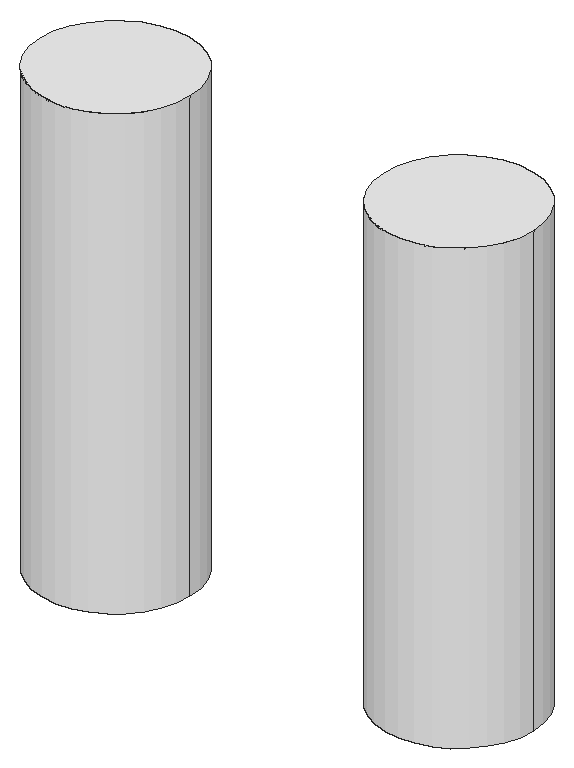
Revit family "0902228333", category Plumbing Fixtures, Revit 2018
Family settings
  Round Connector Dimension = Use Diameter
  Part Type = Normal
  OmniClass Number = 23.45.55.00
  OmniClass Title = Sanitary Faucets, Wastes
  Work Plane-Based = No
  Always vertical = Yes
  Cut with Voids When Loaded = No
  Shared = No
  Room Calculation Point = No
Parameters (values of type "0902228333 Washbasin faucet ")
  WorkingPressure = "100 - 1000 kPa"
  Working Pressure = "100 - 1000 kPa"
  WarrantyStartDate [instance] = "n/a"
  WarrantyGuarantorParts = "n/a"
  WarrantyGuarantorLabor = "n/a"
  WarrantyDurationUnit = "Year"
  WarrantyDurationParts = "n/a"
  WarrantyDurationLabor = "n/a"
  WarrantyDescription = "http://warranty.hansa.com"
  Warranty Information URL = "http://warranty.hansa.com"
  VersionDate = "01/07/2022"
  Version = "2"  # constant formula
  ValvePattern = "n/a"
  ValveOperation = "n/a"
  ValveMechanism = "n/a"
  Uniclass2015Reference = "Pr_40_20_87_96"
  Uniclass2015Description = "Washbasin manual water supply sets"
  Uniclass2 = "Pr_40_30_96_96"
  URL REACH = "http://static.hansa.com/doc/reach"
  URL KIWA = "http://static.hansa.com/Kiwa/0902228333"
  URL Declaration of Conformity = "http://static.hansa.com/DoC/0902228333"
  URL DVGW = "http://static.hansa.com/DVGW/0902228333"
  URL ABP = "http://static.hansa.com/ABP/0902228333"
  URL = ""
  UNSPSC Class Number = "30181700 Faucets or taps"
  TestPressure = "n/a"
  Temperature Adjustments = "Limitation option for maximum temperature and flow-rate ;Adjustable hot water stop (included, retrofittable)"
  Technical DataSheet URL = "http://www.hansa.com/datasheet/0902228333/en"
  TagNumber [instance] = "n/a"
  SustainabilityPerformance = "n/a"
  Surface treatment = "Matt black"
  Spout Type = "Fixed spout"
  Spout Projection = "123 mm"
  Spare-Part Information URL = "http://static.hansa.com/sp/0902228333"
  Size = "50x160x165 mm"
  Shape = "Sculptured"
  SerialNumber [instance] = "n/a"
  Sales Package dimensions (LxWxH) = "380 x 180 x 74"
  Revision = "2"  # constant formula
  ReplacementCost = "n/a"
  ProductInformation = "n/a"
  Product URL = "http://static.hansa.com/0902228333"
  Product Image URL = "http://static.hansa.com/image/0902228333"
  Product Family = "HANSATWIST XL"
  Product Code = "0902228333"
  Pressure Loss With Flow 01ls = 200000.0 Pa
  OperatingMechanismMaterial = "n/a"
  NominalWidth = 48.471 mm
  NominalHeight = 162.546 mm
  NominalDepth = 160.28 mm
  Noise Class = "I (ISO 3822)"
  Name_en = "0902228333 Washbasin faucet"
  Name = "0902228333 Washbasin faucet"
  NBSReference = "45-35-70/371"
  NBSDescription = "Water supply fittings for wash basins and troughs"
  Mounting Holes = "1 hole"
  ModelReference = "0902228333"
  ModelNumber = "n/a"
  Model = "0902228333 Washbasin faucet"
  Mobile Product Information URL = "http://mpi.hansa.com/0902228333"
  Mechanical Parts = "ø 35 mm ceramic cartridge for flow and temperature control"
  Max. Hot Water Supply = 70 °C
  Material = "Brass"
  Market = "International;Germany;Austria;Belgium;Netherlands"
  ManufacturerURL = "http://www.hansa.com"
  ManufacturerName = "HANSA"
  Manufacturer = "HANSA"
  Lever Handle = "Hot/Cold symbols;Single operating lever/handle"
  Keynote = ""
  Interactive AR View URL = "https://static.hansa.com/AR/0902228333"
  InstallationDate [instance] = "n/a"
  Installation and Maintenance Guide URL = "http://static.hansa.com/manual/0902228333"
  Installation Type = "Deck mounted"
  InletConnectionSize = 10 mm
  IfcExportType = "FAUCET"  # constant formula
  IfcExportAs = "IfcValveType"  # constant formula
  Group = "Washbasin faucet"
  Grade = "n/a"
  FlowCoefficient = 0
  Flow Rate At 300kPa With Flow Controller = 0.1 L/s
  Flow Drawing URL = "http://static.hansa.com/flowchart/0902228333"
  Finish = "Polished"
  Features = "Single-lever"
  FaucetMainMaterial = Brass
  FDV Document URL = "http://www.hansa.com/datasheet/0902228333/en/fdv"
  ExpectedLife = "n/a"
  Excluded Items = "Without pop-up waste;Without draw-rod opening"
  ETIM Class Number = "EC011328 Washbasin mixing tap"
  EN Standard = "EN 817"
  EAN Number = "4057304014338"
  DurationUnit = "Year"
  Dimension Drawing URL = "http://static.hansa.com/dimdrw/0902228333"
  Description = ""
  DefaultElevation [instance] = 900 mm
  Constituents = "n/a"
  Connection Size = "G3/8"
  Connection = "Flexible inlet pipes"
  Color = "Chrome"
  CodePerformance = "n/a"
  CloseOffRating = 0
  Category = "Bathroom"
  Catalog Drawing URL = "http://static.hansa.com/catdrw/0902228333"
  Brand = "HANSA"
  BodyMaterial = "Brass"
  Barcode [instance] = "n/a"
  Backflow Prevention EN1717 = "AA"
  BIMObjectName = "0902228333"
  Author = "BIMStone"
  AssetType = "Fixed"
  AssetIdentifier [instance] = "n/a"
  Approval KIWA = "K6116/08"
  Approval DVGW = "NW-6506CQ0410"
  Approval ABP = "P-IX 29261/IA"
  Ambience photo = "http://static.hansa.com/ambience/0902228333"
  Aerator = "PCA® - constant flow rate regardless of pressure variations"
  Advanced Features = "Inner body made of DZR brass;Rapid installation system"
  AccessibilityPerformance = "n/a"
  3D View = "https://static.hansa.com/3D/0902228333"
  2D/3D/BIM Files URL = "http://static.hansa.com/bim/0902228333"
Reference planes
  plane 1 "Center (Front/Back)": y = 0
  plane 2: z = 0
  plane 3 "Center (Left/Right)": x = 0
  plane 4: x = -24.236
  plane 5: z = 900
  plane 6: z = 870
  plane 7: y = -160.28
  plane 8: x = 24.236
  plane 9: z = 1062.546
Forms (mm)
  Extrusion 1, solid, material "Brass" <- "FaucetMainMaterial"
    sketch origin (0, -1.749, 0) x (1, 0, 0) y (0, 1, 0)
      loop
        circle (-11.5, -22.5) r 5
      loop
        circle (11.5, -22.5) r 5
    from 870 to 900
Dimensions and locks
  "DefaultElevation": plane 5 to level
  locked: plane 5 to plane 6 at 30
  "NominalDepth": plane 7 to plane 1 "Center (Front/Back)"
  equal spacing: plane 4, plane 3 "Center (Left/Right)", plane 8
  "NominalHeight": plane 9 to plane 5
  "NominalWidth": plane 4 to plane 8
  "InletConnectionSize": diameter of Extrusion 1 sketch curve  (x2)
  aligned and locked: level to plane 2
  aligned and locked: plane 5 to Extrusion 1
  aligned and locked: Extrusion 1 to plane 6
  aligned and locked: nested 2 to plane 5
Automatic sketch dimensions
  Extrusion 1 sketch curve to plane 3 "Center (Left/Right)" = 11.5 mm
  plane 3 "Center (Left/Right)" to Extrusion 1 sketch curve = 11.5 mm
  plane 1 "Center (Front/Back)" to Extrusion 1 sketch curve = 24.249 mm
  Extrusion 1 sketch curve to Extrusion 1 sketch curve = 0 mm
Nested families
  nested 1: "Symbol" at (0, 0, 0), type "Symbol", detail levels coarse
  nested 2: "0902228333_p" at (0, 0, 900), Material <- "FaucetMainMaterial", type "0902228333_p"
    with Material Brass
Connectors
  piping at (-11.5, -24.249, 870), diameter 10, driven by "InletConnectionSize"
    settings: on Extrusion 1, index 1, connector inside diameter 609.6 mm, connector length 0 mm, flow factor 0, pipe flow 0.0 L/s, pressure drop 0.0 Pa, fitting loss kfactor 0, connector angle 0.00°, fixture units 0, engagement length 0 mm, angle of deflection 0.00°, flow configuration 1, flow direction 1, fitting loss method 0, system type 19, joint type 0, gender type 0, connector reference index -1, connector utility 0, adjustable connector no, is connector primary yes, connector description ""
  piping at (11.5, -24.249, 870), diameter 10, driven by "InletConnectionSize"
    settings: on Extrusion 1, index 2, connector inside diameter 609.6 mm, connector length 0 mm, flow factor 0, pipe flow 0.0 L/s, pressure drop 0.0 Pa, fitting loss kfactor 0, connector angle 0.00°, fixture units 0, engagement length 0 mm, angle of deflection 0.00°, flow configuration 1, flow direction 1, fitting loss method 0, system type 20, joint type 0, gender type 0, connector reference index -1, connector utility 0, adjustable connector no, is connector primary no, connector description ""
Definition of nested family "Symbol"
  Reference planes
    plane 1: y = 0
    plane 2: x = 0
  Lines and regions (mm)
    detail lines
      curve 1: line (0, 0, 0) -> (0, -1.8, 0)
      curve 2: line (-0.4, -1.1, 0) -> (0.4, -1.1, 0)
      curve 3: line (-0.4, -1.4, 0) -> (0.4, -1.4, 0)
      curve 4: line (0.863, 0, 0) -> (-0.863, 0, 0)
      curve 5: circle (-1.163, 0, 0) r 0.3 normal (0, 0, -1)
      curve 6: circle (1.163, 0, 0) r 0.3 normal (0, 0, 1)
